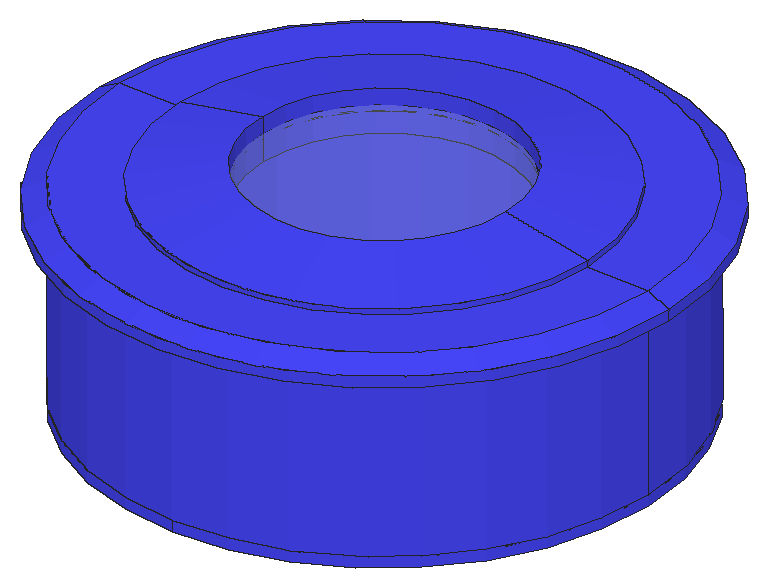
Revit family "Ceileo-RD", category Lighting Fixtures, host Face, Revit 2012
Parameters (values of type "CLO RD-BMT")
  Voltage = 120 V
  Wattage Comments = "55 W"
  URL = "http://www.beaconproducts.com/"
  Product Page URL = "http://www.beaconproducts.com/products/ceileo/"
  Product Documentation Link = "http://www.beaconproducts.com/content/products/specs/specs_files/Ceileo_LED_spec_sheet.pdf"
  Photometric Web = Web CLO : CLO-24NB-55-3K-5X5
  Nominal Watts = 55 W
  Model = "CLO RD"  # constant formula
  Manufacturer Phone = "(800) 345-4928"  # constant formula
  Manufacturer Fax = "(941) 751-5535"  # constant formula
  Manufacturer = "Beacon Lighting"  # constant formula
  Lamp = "LED Lamp"
  Glass = Hubbell- White Glass
  Description = "Ceileo is a commercial grade LED canopy luminaire that utilizes high powered LED’s with precise efficient optical control and on board wattage and lumen choices."  # constant formula
  Default Elevation = 48"
  Backbox = Hubbell- Paint- Black Matte Textured
  Apparent Load = 55 VA
Types (13): name | Wattage Comments | Photometric Web | Backbox
  (no name) | "55 W" | Web CLO : CLO-24NB-55-3K-5X5 | Hubbell- Paint- Black Matte Textured
  CLO RD-BBT | 0" | Web CLO : CLO-24NB-55-4K-3X5 | Hubbell- Paint- Black Textured
  CLO RD-BMT | "55 W" | Web CLO : CLO-24NB-55-3K-5X5 | Hubbell- Paint- Black Matte Textured
  CLO RD-WHT | 0" | Web CLO : CLO-24NB-55-3K-5X5 | Hubbell- Paint- White
  CLO RD-BZT | 0" | Web CLO : CLO-24NB-55-3K-5X5 | Hubbell- Paint- Bronze Textured
  CLO RD-MBT | 0" | Web CLO : CLO-24NB-55-3K-5X5 | Hubbell- Paint- Mettalic Bronze Textured
  CLO RD-DBT | 0" | Web CLO : CLO-24NB-55-3K-5X5 | Hubbell- Paint- Dark  Bronze Textured
  CLO RD-GYS | 0" | Web CLO : CLO-24NB-55-3K-5X5 | Hubbell- Paint- Grey smooth
  CLO RD-DPS | 0" | Web CLO : CLO-24NB-55-3K-5X5 | Hubbell- Paint- Dark Platinum Smooth
  CLO RD-GNT | 0" | Web CLO : CLO-24NB-55-3K-5X5 | Hubbell- Paint- Green Textured
  CLO RD-MST | 0" | Web CLO : CLO-24NB-55-3K-5X5 | Hubbell- Paint- Mettallic Silver Textured
  CLO RD-MTT | 0" | Web CLO : CLO-24NB-55-3K-5X5 | Hubbell- Paint- Metallic titanium textured
  CLO RD-OWI | 0" | Web CLO : CLO-24NB-55-3K-5X5 | Hubbell- Paint- Old World Iron
Reference planes (in)
  plane 1 "Center (Front/Back)": y = 0.03999
  plane 2: z = 0
  plane 3 "Center (Left/Right)": x = 1.66944
  plane 4: x = -5.33056
  plane 5: x = 8.66944
  plane 6: z = 1
  plane 7: z = -4
  plane 8: z = 0.5
  plane 9: x = -3.33056
  plane 10: x = -2.83056
  plane 11: x = -4.83056
  plane 12: z = 0.625
  plane 13: x = -1.33056
  plane 14: z = -4.25
Forms (in)
  Revolve 1, solid, material "Hubbell- Paint- Black Matte Textured" <- "Backbox"
    sketch origin (0, 0.03999, 0) x (1, 0, 0) y (0, 0, 1)
      loop
        line (-5.33056, 0.25) -> (-5.33056, 0) -> (-4.83056, 0) -> (-4.83056, -4) -> (-2.83056, -4) -> (-2.83056, 0.5) -> (-4.83056, 0.5) -> (-5.33056, 0.25)
      axis (1.66944, 0.5) -> (1.66944, -4)
    angle from 0 to 360
  Revolve 2, solid, material "Hubbell- Paint- Black Matte Textured" <- "Backbox"
    sketch origin (0, 0.03999, 0) x (1, 0, 0) y (0, 0, 1)
      loop
        line (-3.33056, 0.5) -> (-2.83056, 0.5) -> (-2.83056, 0) -> (-1.33056, 0) -> (-1.33056, 1) -> (-3.33056, 0.625) -> (-3.33056, 0.5)
      axis (1.66944, 1) -> (1.66944, 0)
    angle from 0 to 360
  Extrusion 3, solid, material "Hubbell- White Glass" <- "Glass"
    sketch origin (1.66944, 0.03999, 0.5) x (0, 1, 0) y (-1, 0, 0)
      loop
        circle (0, 0) r 3
    from 0 to 0.125
  Extrusion 4, solid, material "Hubbell- Paint- Black Matte Textured" <- "Backbox"
    sketch origin (1.66944, 0.03999, -4) x (0, 1, 0) y (1, 0, 0)
      loop
        circle (0, 0) r 6.5
    from 0 to 0.25
Dimensions and locks (in)
  equal spacing: plane 5, plane 3 "Center (Left/Right)", plane 4
  locked: plane 10 to plane 4 at 2.5
  locked: plane 5 to plane 4 at 14
  plane 6 to plane 12 to plane 8 to host face = 3/8" locked, 1/8" locked, 1/2" locked
  locked: host face to plane 7 at 4
  locked: plane 9 to plane 4 at 2
  locked: plane 11 to plane 4 at 0.5
  locked: plane 3 "Center (Left/Right)" to plane 13 at 3
  locked: plane 7 to plane 14 at 0.25
  aligned and locked: plane 2 to host face
  aligned and locked: level to host face
  aligned and locked: Revolve 1 sketch curve to plane 3 "Center (Left/Right)"
  aligned and locked: plane 4 to Revolve 1 sketch curve
  aligned and locked: Revolve 1 sketch curve to plane 8
  aligned and locked: plane 10 to Revolve 1 sketch curve
  aligned and locked: Revolve 2 sketch curve to plane 3 "Center (Left/Right)"
  aligned and locked: Revolve 2 sketch curve to host face
  aligned and locked: Revolve 2 sketch curve to plane 10
  aligned and locked: Revolve 2 sketch curve to plane 8
  aligned and locked: plane 9 to Revolve 2 sketch curve
  aligned and locked: Extrusion 3 to plane 12
  aligned and locked: Extrusion 3 to plane 8
  aligned and locked: plane 12 to Extrusion 3
  aligned and locked: Revolve 1 sketch curve to plane 7
  aligned and locked: Revolve 2 sketch curve to plane 13
  aligned and locked: Revolve 1 sketch curve to host face
  aligned and locked: Extrusion 4 sketch curve to Revolve 1
  aligned and locked: Extrusion 4 to plane 14
  aligned and locked: plane 7 to Extrusion 4
  aligned and locked: plane 3 "Center (Left/Right)" to nested 1
  aligned and locked: nested 1 to plane 1 "Center (Front/Back)"
Automatic sketch dimensions
  host sketch curve to host sketch curve = 66.62788"
  host sketch curve to host sketch curve = 96"
  Revolve 1 sketch curve to plane 11 = 0"  (x2)
  Revolve 1 sketch curve to plane 7 = 15 3/4"
  Revolve 1 sketch curve to Revolve 1 sketch curve = 1/4"
  plane 6 to Revolve 1 sketch curve = 12 1/2"
  Revolve 2 sketch curve to plane 6 = 0"
  Revolve 2 sketch curve to plane 12 = 0"
  Revolve 2 sketch curve to plane 7 = 5.98751"
  plane 6 to Revolve 2 sketch curve = 2.88012"
  radius of Extrusion 3 sketch curve to Revolve 1 = 1 1/2"
Nested families (in)
  nested 1: "Web CLO" at (1.70943, 0.27895, 0.625) x (0, 1, 0) z (0, 0, 1), type <- "Photometric Web", type "CLO-24NB-55-3K-5X5"
Connectors (in)
  electrical at (1.66944, 0.03999, -4.25), driven by "Voltage", driven by "Apparent Load"
    settings: on Extrusion 4, index 1, voltage 120 V, apparent load 55 VA, apparent load phase1 0 VA, apparent load phase2 0 VA, apparent load phase3 0 VA, power factor 1, load classification "Other", number of poles 1, system type 30, power factor state 1, is connector primary yes, connector utility no, sub classification motor no, connector description "Lighting Connector"
Definition of nested family "Web CLO"
  Parameters (values of type "CLO-24NB-55-3K-5X5")
    Wattage Comments = ""
    Wattage = 55 W
    built-in parameter 1150110 = 1 (stored number, unit not read)
    URL = ""
    built-in parameter 1114217 = 1 (stored number, unit not read)
    Tilt Angle = -90.00°
    built-in parameter 1150109 = 1 (stored number, unit not read)
    built-in parameter 1150134 = (empty or 0)
    built-in parameter 1150113 = 1 (stored number, unit not read)
    Product Page URL = ""
    Product Documentation Link = ""
    Photometric Web File = "CLO-24NB-55-3K-5X5.IES"
    Model = ""
    Manufacturer Phone = ""
    Manufacturer Fax = ""
    Manufacturer = "Beacon Lighting"  # constant formula
    built-in parameter 1150105 = 354.12 (stored number, unit not read)
    Lumens = 4450.05 lm
    built-in parameter 1150115 = 1 (stored number, unit not read)
    built-in parameter 1150137 = (empty or 0)
    built-in parameter 1150139 = (empty or 0)
    built-in parameter 1150112 = 1 (stored number, unit not read)
    built-in parameter 1150114 = 1 (stored number, unit not read)
    Lamp = ""
    built-in parameter 1150132 = (empty or 0)
    built-in parameter 1150102 = (empty or 0)
    built-in parameter 1150107 = 3000 (stored number, unit not read)
    built-in parameter 1150138 = (empty or 0)
    built-in parameter 1150106 = 3.5412 (stored number, unit not read)
    Emit from Line Length = 3"
    built-in parameter 1150104 = 7.5168 (stored number, unit not read)
    Dimming Lamp Color Temperature Shift = (empty or 0)
    Description = ""
    Default Elevation = 48"
    Color Filter = 16777215
    built-in parameter 1114218 = 1 (stored number, unit not read)
    built-in parameter 1150133 = 10 (stored number, unit not read)
  Types (12): name | Wattage Comments | built-in parameter 1150134 | Photometric Web File | built-in parameter 1150107 | Emit from Line Length
    CLO-24NB-55-3K-5X5 | "" | (empty or 0) | "CLO-24NB-55-3K-5X5.IES" | 3000 (stored number, unit not read) | 3"
    CLO-24NB-55-4K-3X5 | "35-62W" | 12 | "CLO-24NB-55-4K-3X5.IES" | 4000 (stored number, unit not read) | 3"
    CLO-24NB-55-4K-5X5 | "35-62W" | 12 | "CLO-24NB-55-4K-5X5.IES" | 4000 (stored number, unit not read) | 3"
    CLO-24NB-55-4K-T5QM | "35-62W" | 2 | "CLO-24NB-55-4K-T5QM.IES" | 5000 (stored number, unit not read) | 3"
    CLO-24NB-55-5K-T5SQN | "35-62W" | 2 | "CLO-24NB-55-5K-T5SQN.IES" | 5000 (stored number, unit not read) | 3"
    CLO-24NB-55-4K-T5R | "35-62W" | 12 | "CLO-24NB-55-4K-T5R.IES" | 4000 (stored number, unit not read) | 24"
    CLO-24NB-55-5K-3X5 | "35-62W" | 2 | "CLO-24NB-55-5K-3X5.IES" | 5000 (stored number, unit not read) | 3"
    CLO-24NB-55-5K-5X5 | "35-62W" | 2 | "CLO-24NB-55-5K-5X5.IES" | 5000 (stored number, unit not read) | 3"
    CLO-24NB-55-5K-T5R | "35-62W" | 2 | "CLO-24NB-55-5K-T5R.IES" | 5000 (stored number, unit not read) | 3"
    CLO-24NB-55-5K-T5SQM | "35-62W" | 2 | "CLO-24NB-55-5K-T5SQM.IES" | 5000 (stored number, unit not read) | 3"
    CLO-24NB-55-5K-T5W | "35-62W" | 2 | "CLO-24NB-55-5K-T5W.IES" | 5000 (stored number, unit not read) | 3"
    CLO24NB-55-4K-T5QN | "35-62W" | 12 | "CLO24NB-55-4K-T5QN.IES" | 4000 (stored number, unit not read) | 3"
  Reference planes (in)
    plane 1 "Center (Front/Back)": y = 0.03999
    plane 2: z = 0
    plane 3 "Center (Left/Right)": x = -0.23896
  Forms (in)
    Extrusion 1, solid
      sketch origin (0, 0, 0.06357) x (1, 0, 0) y (0, 1, 0)
        loop
          line (-48, 48) -> (-48, -48) -> (48, -48) -> (48, 48) -> (-48, 48)
      from -0.06357 to -13.79058
  Lines and regions (in)
    reference lines
      curve 1: line (-0.23896, 0.03999, 18.11448) -> (-0.23896, 0.03999, -22.88552)
      curve 2: line (-0.23896, 0.03999, 34) -> (-0.23896, 0.03999, -22.88552)
  Dimensions and locks (in)
    aligned and locked: plane 2 to Extrusion 1
    aligned and locked: level to Extrusion 1
    aligned and locked: Extrusion 1 to imposter light
    aligned and locked: plane 3 "Center (Left/Right)" to imposter light
    aligned and locked: imposter light to plane 1 "Center (Front/Back)"
    aligned and locked: curve 1 to plane 3 "Center (Left/Right)"
    aligned and locked: plane 1 "Center (Front/Back)" to curve 2
